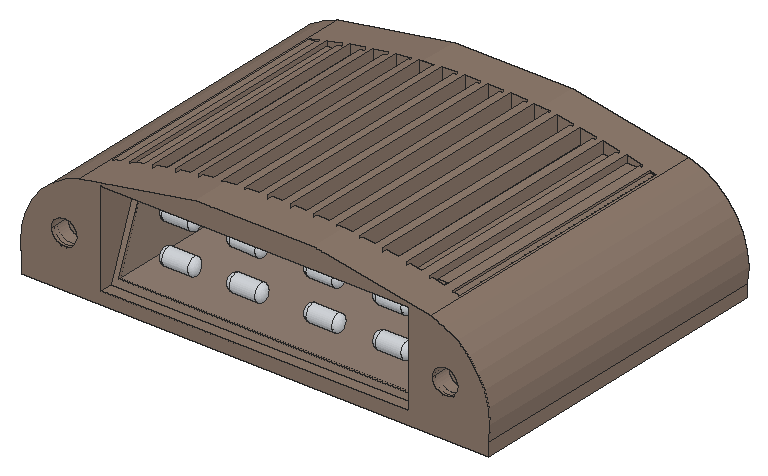
Revit family "CUSO", category Lighting Fixtures, host Face, Revit 2014
Parameters (values of type "CUSO")
  Wattage = 9.2903 W
  Watt = 32 W
  Warranty = "5 year full unit warranty"
  built-in parameter 1150110 = 1 (stored number, unit not read)
  Voltage = 120 V
  Wattage Comments = "17-32 W"
  URL = "https://www.hubbell.com/compassproducts/en/"
  built-in parameter 1114217 = 1 (stored number, unit not read)
  Tilt Angle = 90.00°
  built-in parameter 1150109 = 1 (stored number, unit not read)
  built-in parameter 1150134 = 3
  built-in parameter 1150113 = 1 (stored number, unit not read)
  Product Page URL = "https://www.hubbell.com/compassproducts/en/Products/Lighting-Controls/Emergency-Exit-Lighting/Emergency-Lighting-Units/CUSO/p/2055375"
  Product Documentation Link = "https://hubbellcdn.com/specsheet/0603879_cuso_spec.pdf"
  Power Factor = 1
  Photometric Web File = "CUSO AC 3000K.ies"
  Photometric Link = "https://www.hubbell.com/compassproducts/en/Products/Lighting-Controls/Emergency-Exit-Lighting/Emergency-Lighting-Units/CUSO/p/2055375#prod-photometry-section"
  Model = "CUSO"  # constant formula
  Manufacturer = "Compass Lighting"  # constant formula
  built-in parameter 1150105 = 1173.2 (stored number, unit not read)
  Lumens = 1380 lm
  built-in parameter 1150115 = 1 (stored number, unit not read)
  Load Classification = Lighting
  built-in parameter 1150137 = (empty or 0)
  built-in parameter 1150139 = (empty or 0)
  built-in parameter 1150112 = 1 (stored number, unit not read)
  built-in parameter 1150114 = 1 (stored number, unit not read)
  Lamp = "LED Lamp"
  built-in parameter 1150132 = (empty or 0)
  built-in parameter 1150102 = (empty or 0)
  built-in parameter 1150107 = 3200 (stored number, unit not read)
  built-in parameter 1150138 = (empty or 0)
  built-in parameter 1150106 = 11.732 (stored number, unit not read)
  Features = "Includes self-diagnostic/self-test feature to monitor\r\nproper operation\r\n•\t Quick installation\r\n•\t Universal 120-277VAC input, 60Hz.\r\n•\t Includes long-life 7.2V Nickel Cadmium battery for UL\r\nrecognized 90 minute operation\r\n•\t Full re-charge within 24 hours\r\n•\t Provided with water-proof test switch and AC-On\r\nindicator\r\n•\t 0°C to 50°C Standard Model, -25°C to 50°C with\r\noptional heater\r\n•\t UL924 and Wet Location Listed"
  built-in parameter 1150104 = 13.8 (stored number, unit not read)
  Dimming Lamp Color Temperature Shift = <None>
  Description = "The CUSO Series is an architectural, low-profile outdoor light, offering normally on AC and emergency lighting with powerful LED illumination."  # constant formula
  Default Elevation = 48.000"
  Compliances & Listings = "UL924 Listed for Wet Location\r\nNFPA 101 and NFPA 70\r\nOSHA"
  Colour Option = CUSO Series : Dark Bronze
  Color Filter = 16777215
  built-in parameter 1114218 = 1 (stored number, unit not read)
  built-in parameter 1150133 = 10 (stored number, unit not read)
  Applications = "The CUSO Series can be applied in areas that are susceptible\r\nto rain and severe moisture like parking decks, and outdoor\r\ncommercial applications to meet all Path of Egress requirements."
  Apparent Load = Watt / Power Factor  # 32 VA
Reference planes (in)
  plane 1 "Center (Front/Back)": y = 0.03999
  plane 2: z = 0
  plane 3 "Center (Left/Right)": x = 1.66944
Dimensions and locks (in)
  aligned and locked: plane 2 to host face
  aligned and locked: level to host face
  aligned and locked: plane 3 "Center (Left/Right)" to nested 1
  aligned and locked: plane 1 "Center (Front/Back)" to nested 1
Nested families (in)
  nested 1: "CUSO Series" at (3.71711, 0, 0), type <- "Colour Option", type "Dark Bronze"
Connectors (in)
  electrical at (1.66944, 0.03999, 0), driven by "Voltage", driven by "Apparent Load", driven by "Power Factor", driven by "Load Classification"
    settings: on nested 1, index 1, voltage 120 V, apparent load 32 VA, apparent load phase1 0 VA, apparent load phase2 0 VA, apparent load phase3 0 VA, power factor 1, load classification "Lighting", number of poles 1, system type 30, power factor state 1, is connector primary yes, connector utility no, sub classification motor no, connector description "Lighting Connector"
Definition of nested family "CUSO Series"
  Parameters (values of type "Black")
    Wattage Comments = ""
    URL = ""
    Product Page URL = ""
    Product Documentation Link = ""
    Model = ""
    Manufacturer Phone = ""
    Manufacturer Fax = ""
    Manufacturer = ""
    Lamp = ""
    LED = Hubbell-White
    Glass = Hubbell-White Glass
    Description = ""
    Default Elevation = 48.000"
    Backbox = Hubbell-Black
  Types (3): name | LED | Backbox
    Black | Hubbell-White | Hubbell-Black
    White | none | Hubbell-White
    Dark Bronze | none | Hubbell-Dark Bronze
  Reference planes (in)
    plane 1 "Center (Front/Back)": y = 0.03999
    plane 2: z = 0
    plane 3 "Center (Left/Right)": x = -2.04767
    plane 4: x = -6.59767
    plane 5: x = 2.50233
    plane 6: y = 3.18999
    plane 7: y = -3.11001
    plane 8: z = 2.5
    plane 9: z = 0.25
    plane 10: z = 2.0725
  Forms (in)
    Extrusion 1, solid
      sketch origin (0, 0, 0.06357) x (1, 0, 0) y (0, 1, 0)
        loop
          line (-50.04767, 48) -> (-50.04767, -48) -> (45.95233, -48) -> (45.95233, 48) -> (-50.04767, 48)
      from -0.06357 to -6.06357
    Extrusion 2, solid, material "Hubbell-Black" <- "Backbox"
      sketch origin (0, 0.03999, 0) x (1, 0, 0) y (0, 0, 1)
        loop
          line (-6.59767, 0) -> (2.50233, 0) -> (2.50233, 0.25) -> (-6.59767, 0.25) -> (-6.59767, 0)
      from -3.15 to 3.15
    Extrusion 3, solid, material "Hubbell-Black" <- "Backbox"
      sketch origin (0, 0.03999, 0) x (1, 0, 0) y (0, 0, 1)
        loop
          arc (2.50233, 0.25) -> (2.29218, 1.37673) -> (1.37255, 2.0608) r 1.57093
          arc (1.37255, 2.0608) -> (-2.04767, 2.51864) -> (-5.46789, 2.0608) r 13.00412
          arc (-5.46789, 2.0608) -> (-6.38752, 1.37673) -> (-6.59767, 0.25) r 1.57093
          line (-6.59767, 0.25) -> (2.50233, 0.25)
      from -3.15 to 3.15
    Extrusion 4, void
      sketch origin (-2.04767, 0, 0) x (0, 1, 0) y (0, 0, 1)
        loop
          line (-3.16736, 0.25) -> (-2.87501, 0.25) -> (-2.16736, 2.0725) -> (-3.16736, 2.0725) -> (-3.16736, 0.25)
      from -3 to 3
    Extrusion 5, void
      sketch origin (0, -3.11001, 0) x (-1, 0, 0) y (0, 0, 1)
        loop
          line (4.92267, 1.9475) -> (-0.82733, 1.9475) -> (-0.82733, 0.375) -> (4.92267, 0.375) -> (4.92267, 1.9475)
      from 0 to 5.98404
    Extrusion 6, solid, material "Hubbell-White Glass" <- "Glass"
      sketch origin (-2.04767, -2.05403, 2.36437) x (0, -0.361959, -0.932194) y (1, 0, 0)
        loop
          line (0.44719, -2.875) -> (2.13407, -2.875) -> (2.13407, 2.875) -> (0.44719, 2.875) -> (0.44719, -2.875)
      from -0.03 to -0.1
    Extrusion 7, void
      sketch origin (-8.48779, -180, 2.0725) x (0, -1, 0) y (-1, 0, 0)
        loop
          line (-182.43999, -2.79012) -> (-177.63999, -2.79012) -> (-177.63999, -2.49012) -> (-182.43999, -2.49012) -> (-182.43999, -2.79012)
        loop
          line (-177.63999, -2.94012) -> (-182.43999, -2.94012) -> (-182.43999, -3.24012) -> (-177.63999, -3.24012) -> (-177.63999, -2.94012)
        loop
          line (-177.63999, -3.39012) -> (-182.43999, -3.39012) -> (-182.43999, -3.69012) -> (-177.63999, -3.69012) -> (-177.63999, -3.39012)
        loop
          line (-177.63999, -3.84012) -> (-182.43999, -3.84012) -> (-182.43999, -4.14012) -> (-177.63999, -4.14012) -> (-177.63999, -3.84012)
        loop
          line (-177.63999, -4.29012) -> (-182.43999, -4.29012) -> (-182.43999, -4.59012) -> (-177.63999, -4.59012) -> (-177.63999, -4.29012)
        loop
          line (-177.63999, -4.74012) -> (-182.43999, -4.74012) -> (-182.43999, -5.04012) -> (-177.63999, -5.04012) -> (-177.63999, -4.74012)
        loop
          line (-177.63999, -5.19012) -> (-182.43999, -5.19012) -> (-182.43999, -5.49012) -> (-177.63999, -5.49012) -> (-177.63999, -5.19012)
        loop
          line (-177.63999, -5.64012) -> (-182.43999, -5.64012) -> (-182.43999, -5.94012) -> (-177.63999, -5.94012) -> (-177.63999, -5.64012)
        loop
          line (-177.63999, -6.09012) -> (-182.43999, -6.09012) -> (-182.43999, -6.39012) -> (-177.63999, -6.39012) -> (-177.63999, -6.09012)
        loop
          line (-177.63999, -6.54012) -> (-182.43999, -6.54012) -> (-182.43999, -6.84012) -> (-177.63999, -6.84012) -> (-177.63999, -6.54012)
        loop
          line (-177.63999, -6.99012) -> (-182.43999, -6.99012) -> (-182.43999, -7.29012) -> (-177.63999, -7.29012) -> (-177.63999, -6.99012)
        loop
          line (-177.63999, -7.44012) -> (-182.43999, -7.44012) -> (-182.43999, -7.74012) -> (-177.63999, -7.74012) -> (-177.63999, -7.44012)
        loop
          line (-177.63999, -7.89012) -> (-182.43999, -7.89012) -> (-182.43999, -8.19012) -> (-177.63999, -8.19012) -> (-177.63999, -7.89012)
        loop
          line (-177.63999, -8.34012) -> (-182.43999, -8.34012) -> (-182.43999, -8.64012) -> (-177.63999, -8.64012) -> (-177.63999, -8.34012)
        loop
          line (-177.63999, -8.79012) -> (-182.43999, -8.79012) -> (-182.43999, -9.09012) -> (-177.63999, -9.09012) -> (-177.63999, -8.79012)
        loop
          line (-177.63999, -9.24012) -> (-182.43999, -9.24012) -> (-182.43999, -9.54012) -> (-177.63999, -9.54012) -> (-177.63999, -9.24012)
        loop
          line (-177.63999, -9.69012) -> (-182.43999, -9.69012) -> (-182.43999, -9.99012) -> (-177.63999, -9.99012) -> (-177.63999, -9.69012)
        loop
          line (-177.63999, -10.09012) -> (-182.43999, -10.09012) -> (-182.43999, -10.39012) -> (-177.63999, -10.39012) -> (-177.63999, -10.09012)
      from 0 to -0.48187
    Extrusion 8, void
      sketch origin (0, -3.11001, 0) x (-1, 0, 0) y (0, 0, 1)
        loop
          circle (-1.6667, 1.01319) r 0.25
        loop
          circle (5.76204, 1.01319) r 0.25
      from 0 to 0.37675
    Extrusion 9, solid, material "Hubbell-White Glass" <- "Glass"
      sketch origin (0, -3.11001, 0) x (1, 0, 0) y (0, 0, 1)
        loop
          circle (1.6667, 1.01319) r 0.25
        loop
          circle (-5.76204, 1.01319) r 0.25
      from -0.05826 to -0.14768
    Revolve 10, solid, material "Hubbell-White" <- "LED"
      sketch origin (-1.95392, -2.02317, 2.26722) x (0, -0.361959, -0.932194) y (1, 0, 0)
        loop
          line (0.79212, -2.52949) -> (0.79212, -1.80001)
          arc (0.79212, -1.80001) -> (0.68487, -1.82122) -> (0.62826, -1.91475) r 0.13539
          line (0.62826, -1.91475) -> (0.62826, -2.41475)
          arc (0.62826, -2.41475) -> (0.68487, -2.50828) -> (0.79212, -2.52949) r 0.13539
        axis (0.79212, -2.52949) -> (0.79212, -1.80001)
      angle from -179.773 to 0.646
    Revolve 11, solid, material "Hubbell-White" <- "LED"
      sketch origin (-1.95392, -2.02317, 1.47677) x (0, -0.361959, -0.932194) y (1, 0, 0)
        loop
          line (0.79212, -2.52949) -> (0.79212, -1.80001)
          arc (0.79212, -1.80001) -> (0.68487, -1.82122) -> (0.62826, -1.91475) r 0.13539
          line (0.62826, -1.91475) -> (0.62826, -2.41475)
          arc (0.62826, -2.41475) -> (0.68487, -2.50828) -> (0.79212, -2.52949) r 0.13539
        axis (0.79212, -2.52949) -> (0.79212, -1.80001)
      angle from -179.773 to 0.646
    Revolve 12, solid, material "Hubbell-White" <- "LED"
      sketch origin (-0.64299, -2.02317, 2.26722) x (0, -0.361959, -0.932194) y (1, 0, 0)
        loop
          line (0.79212, -2.52949) -> (0.79212, -1.80001)
          arc (0.79212, -1.80001) -> (0.68487, -1.82122) -> (0.62826, -1.91475) r 0.13539
          line (0.62826, -1.91475) -> (0.62826, -2.41475)
          arc (0.62826, -2.41475) -> (0.68487, -2.50828) -> (0.79212, -2.52949) r 0.13539
        axis (0.79212, -2.52949) -> (0.79212, -1.80001)
      angle from -179.773 to 0.646
    Revolve 13, solid, material "Hubbell-White" <- "LED"
      sketch origin (-0.64299, -2.02317, 1.47677) x (0, -0.361959, -0.932194) y (1, 0, 0)
        loop
          line (0.79212, -2.52949) -> (0.79212, -1.80001)
          arc (0.79212, -1.80001) -> (0.68487, -1.82122) -> (0.62826, -1.91475) r 0.13539
          line (0.62826, -1.91475) -> (0.62826, -2.41475)
          arc (0.62826, -2.41475) -> (0.68487, -2.50828) -> (0.79212, -2.52949) r 0.13539
        axis (0.79212, -2.52949) -> (0.79212, -1.80001)
      angle from -179.773 to 0.646
    Revolve 14, solid, material "Hubbell-White" <- "LED"
      sketch origin (0.85701, -2.02317, 2.26722) x (0, -0.361959, -0.932194) y (1, 0, 0)
        loop
          line (0.79212, -2.52949) -> (0.79212, -1.80001)
          arc (0.79212, -1.80001) -> (0.68487, -1.82122) -> (0.62826, -1.91475) r 0.13539
          line (0.62826, -1.91475) -> (0.62826, -2.41475)
          arc (0.62826, -2.41475) -> (0.68487, -2.50828) -> (0.79212, -2.52949) r 0.13539
        axis (0.79212, -2.52949) -> (0.79212, -1.80001)
      angle from -179.773 to 0.646
    Revolve 15, solid, material "Hubbell-White" <- "LED"
      sketch origin (0.85701, -2.02317, 1.47677) x (0, -0.361959, -0.932194) y (1, 0, 0)
        loop
          line (0.79212, -2.52949) -> (0.79212, -1.80001)
          arc (0.79212, -1.80001) -> (0.68487, -1.82122) -> (0.62826, -1.91475) r 0.13539
          line (0.62826, -1.91475) -> (0.62826, -2.41475)
          arc (0.62826, -2.41475) -> (0.68487, -2.50828) -> (0.79212, -2.52949) r 0.13539
        axis (0.79212, -2.52949) -> (0.79212, -1.80001)
      angle from -179.773 to 0.646
    Revolve 16, solid, material "Hubbell-White" <- "LED"
      sketch origin (2.20685, -2.02317, 2.26722) x (0, -0.361959, -0.932194) y (1, 0, 0)
        loop
          line (0.79212, -2.52949) -> (0.79212, -1.80001)
          arc (0.79212, -1.80001) -> (0.68487, -1.82122) -> (0.62826, -1.91475) r 0.13539
          line (0.62826, -1.91475) -> (0.62826, -2.41475)
          arc (0.62826, -2.41475) -> (0.68487, -2.50828) -> (0.79212, -2.52949) r 0.13539
        axis (0.79212, -2.52949) -> (0.79212, -1.80001)
      angle from -179.773 to 0.646
    Revolve 17, solid, material "Hubbell-White" <- "LED"
      sketch origin (2.20685, -2.02317, 1.47677) x (0, -0.361959, -0.932194) y (1, 0, 0)
        loop
          line (0.79212, -2.52949) -> (0.79212, -1.80001)
          arc (0.79212, -1.80001) -> (0.68487, -1.82122) -> (0.62826, -1.91475) r 0.13539
          line (0.62826, -1.91475) -> (0.62826, -2.41475)
          arc (0.62826, -2.41475) -> (0.68487, -2.50828) -> (0.79212, -2.52949) r 0.13539
        axis (0.79212, -2.52949) -> (0.79212, -1.80001)
      angle from -179.773 to 0.646
  Cuts and joins
    Extrusion 4, Extrusion 7, Extrusion 8 cuts Extrusion 2
    Extrusion 4, Extrusion 5, Extrusion 7, Extrusion 8 cuts Extrusion 3
    joined: Extrusion 2, Extrusion 3
    Extrusion 7 cuts Extrusion 6
  Dimensions and locks (in)
    plane 6 to plane 7 = 6.300"  (x2)
    plane 4 to plane 3 "Center (Left/Right)" to plane 5 = 4.550", 4.550"
    plane 4 to plane 5 = 9.100"  (x2)
    plane 1 "Center (Front/Back)" to plane 6 = 3.150"
    plane 8 to Extrusion 1 = 2.500"  (x2)
    plane 4 to plane 3 "Center (Left/Right)" to plane 5 = 4.550" locked, 4.550" locked
    locked: plane 9 to Extrusion 1 at 0.25
    aligned and locked: plane 2 to Extrusion 1
    aligned and locked: level to Extrusion 1
    aligned and locked: Extrusion 2 sketch curve to level
    aligned and locked: plane 4 to Extrusion 2 sketch curve
    aligned and locked: Extrusion 2 sketch curve to plane 5
    aligned and locked: plane 9 to Extrusion 2
    aligned and locked: plane 7 to Extrusion 2
    aligned and locked: plane 6 to Extrusion 2
    aligned and locked: plane 10 to cut or joined group of Extrusion 2, Extrusion 3, Extrusion 4, Extrusion 5, Extrusion 7, Extrusion 8
    aligned and locked: Extrusion 8 to cut or joined group of Extrusion 6, Extrusion 7
    aligned and locked: Extrusion 9 sketch curve to cut or joined group of Extrusion 2, Extrusion 3, Extrusion 4, Extrusion 5, Extrusion 7, Extrusion 8  (x4)
